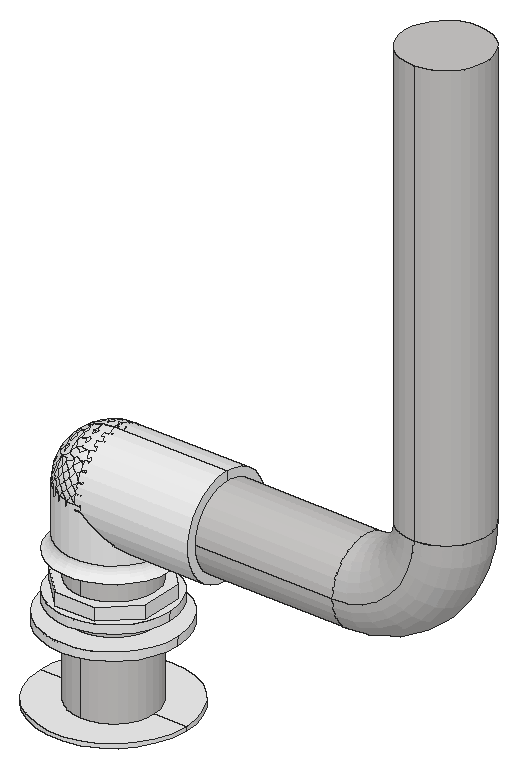
Revit family "Strainer-Zurn-Z8746-PC", category Plumbing Fixtures, host Face, Revit 2022
Family settings
  Host = Face
  Round Connector Dimension = Use Radius
  Part Type = Normal
  OmniClass Number = 23.45.55.21
  OmniClass Title = Drains (Wastes)
  Cut with Voids When Loaded = No
  Maintain Annotation Orientation = No
  Shared = No
  Room Calculation Point = No
Parameters (values of type "Z8746-PC (OFFSET LAVATORY STRAINER)")
  Waste Connection = 1 = 1  # yes
  WFU = 1  # constant formula
  Vent Connection = 1 = 0  # no
  URL = "https://www.zurn.com/"
  Product data URL = "https://bimobject.com/zurnindustries/product/Z8746-PC"
  Product Page URL = "https://www.zurn.com/products/finish-plumbing/sink-trim/traps-commercial-semicast/z8746-pc"
  Product Documentation Link = "https://files.zurn.com/spec-sheets/z8746-pc.pdf"
  Pipe Material = Steel - Zurn - Zinc Coated
  Outlet Connection Size (inch) = 1.250"  # constant formula
  Modified Date = "03/27/2026"  # constant formula
  Model = "Z8746-PC"  # constant formula
  Manufacturer Brand = "Zurn Water, LLC"  # constant formula
  Manufacturer = "Zurn"  # constant formula
  Width of pipe size = 1.250"  # constant formula
  Height of Pipe = 8.750"  # constant formula
  HWFU = 0  # constant formula
  HW Connection = 1 = 0  # no
  Drain Material = Chrome-Plated Brass - Zurn - Polished
  Description = "OFFSET LAVATORY STRAINER"  # constant formula
  Default Elevation = 48.000"
  Date Created = "03/27/2026"  # constant formula
  Width of Drain = 2.250"  # constant formula
  Center Distance between Drain & pipe = 5.125"  # constant formula
  CWFU = 0  # constant formula
  CW Connection = 1 = 0  # no
  Assembly Code = "D2010"
  ADA Compliance = 1 = 1  # yes
Reference planes (in)
  plane 1 "Center (Front/Back)": y = 0
  plane 2: z = 0
  plane 3 "Center (Left/Right)": x = 0
Dimensions and locks (in)
  aligned and locked: plane 2 to host face
  aligned and locked: level to host face
  aligned and locked: nested 1 to host face
  aligned and locked: nested 1 to plane 1 "Center (Front/Back)"
  aligned and locked: plane 3 "Center (Left/Right)" to nested 1
Nested families (in)
  nested 1: "Z8746-PC" at (0, 0, 0.0625) x (1, 0, 0) z (0, 0, -1), type "Z8746-PC (OFFSET LAVATORY STRAINER)"
Connectors (in)
  piping at (5.125, 0, 10.875), diameter 1.25
    settings: on nested 1, index 1, connector inside diameter 24", connector length 0.000", flow factor 0, pipe flow 0 GPM, pressure drop 0.00 psi, fitting loss kfactor 0, connector angle 0.00°, fixture units 0, engagement length 0.000", angle of deflection 0.00°, flow configuration 0, flow direction 0, fitting loss method 0, system type 7, joint type 0, gender type 0, connector reference index -1, connector utility 0, adjustable connector no, is connector primary yes, connector description ""
Definition of nested family "Z8746-PC"
  Parameters (values of type "Z8746-PC (OFFSET LAVATORY STRAINER)")
    Width = Strainer Diameter  # 2.250"
    Product Documentation Link = "https://files.zurn.com/spec-sheets/z8746-pc.pdf"
    Outlet Connection Size (in) = 1 1/4"  # constant formula
    Waste Pipe Size = 1 1/4"
    Waste Pipe Radius = Waste Pipe Size / 2  # 0.625"
    Waste Connection = 1 = 1  # yes
    WFU = 1  # constant formula
    Vent Connection = 1 = 0  # no
    URL = "www.zurn.com"
    Type Comments = ""
    Thread = 1.9375"
    Strainer Radius = Strainer Diameter / 2  # 1.125"
    Strainer Diameter = 2.250"
    Product data URL = "https://www.bimobject.com/en-us/zurnindustries/product/zurn-z8746"
    Product Page URL = "https://www.zurn.com/products/finish-plumbing/sink-trim/traps-commercial-semicast/z8746-pc"
    Pipe Material = none
    Modified Date = "03/27/2026"  # constant formula
    Model = "Z8746-PC"  # constant formula
    Manufacturer Brand = "Zurn Water, LLc"  # constant formula
    Manufacturer = "Zurn"  # constant formula
    Length = Dimension D + Waste Pipe Size  # 6.375"
    Horizontal Pipe Centerline = 3.000"
    Height = 10.8125"
    HWFU = 0  # constant formula
    HW Connection = 1 = 0  # no
    Drain Material = none
    Dimension D = 5.125"
    Description = "Offset Lavatory Strainer, ADA Compliant"  # constant formula
    Default Elevation = 48.000"
    Date Created = "03/27/2026"  # constant formula
    CWFU = 0  # constant formula
    CW Connection = 1 = 0  # no
    Assembly Code = "D2010"
    ADA Compliance = 1 = 1  # yes
  Reference planes (in)
    plane 1 "Center (Front/Back)": y = 0
    plane 2: z = 0
    plane 3 "Center (Left/Right)": x = 0
    plane 4 "Width Left": x = -1.125
    plane 5 "Hardware Left": x = -0.75
    plane 6 "Tail Pipe Left": x = -0.625
    plane 7 "Width Right": x = 1.125
    plane 8 "Hardware Right": x = 0.75
    plane 9 "Tail Pipe Right": x = 0.625
    plane 10 "Hardware Back": y = 0.75
    plane 11 "Tail Pipe Back": y = 0.625
    plane 12 "Hardware Front": y = -0.75
    plane 13 "Tail Pipe Front": y = -0.625
    plane 14 "Strainer Top": z = 0.0625
    plane 15 "Width Front": y = -1.125
    plane 16 "Width Back": y = 1.125
    plane 17: y = 0.9375
    plane 18: y = -0.9375
    plane 19 "Tail Piece Nut Top": z = -1.5
    plane 20 "Bottom of Threads": z = -1.375
    plane 21 "Top of Threads": z = -1.6875
    plane 22 "Locknut": z = -1.5
    plane 23 "Threads Inside Right": x = 0.875
    plane 24 "Tailpiece Washer Right": x = 0.9375
    plane 25 "Locknut Right": x = 1
    plane 26 "Tailpiece Nut Right": x = 1.0625
    plane 27 "Inside Threads Left": x = -0.875
    plane 28 "Locknut Left": x = -0.9375
    plane 29 "Locknut Flange Left": x = -1
    plane 30 "Tailpiece Nut Left": x = -1.0625
    plane 31 "Tailpiece Nut Back": y = 1.0625
    plane 32 "Tailpiece Nut Front": y = -1.0625
    plane 33 "Vertical Pipe Offset Centerline": x = 5.125
    plane 34 "Outlet Left": x = 4.5
    plane 35 "Outlet Right": x = 5.75
    plane 36: z = -3
    plane 37: z = -2.375
    plane 38: z = -3.625
    plane 39 "Outlet Bottom": z = -10.8125
    plane 40: z = -2.25
    plane 41: z = -3.75
    plane 42 "Elbow Fitting Right End": x = 1.75
    plane 43 "Elbow Fitting Top": z = -2.0625
    plane 44 "Washer Top": z = -1.07101
    plane 45 "Washer Bottom": z = -1.19601
    plane 46: z = 0.0625
    plane 47: x = 0
  Forms (in)
    Revolve 1, solid, material <- "Drain Material"
      sketch origin (0, 0, 0.05389) x (1, 0, 0) y (0, 0, 1)
        loop
          line (0, 0.00861) -> (-1.125, 0.00861) -> (-1.125, -0.05389) -> (0, -0.05389) -> (0, 0.00861)
        axis (0, 0.00861) -> (0, -0.05389)
      angle from 0 to 360
    Extrusion 2, solid, material <- "Drain Material", detail levels fine
      sketch origin (0, 0, 0.59985) x (1, 0, 0) y (0, 1, 0)
        loop
          line (0.75, 0.31066) -> (0.31066, 0.75) -> (-0.31066, 0.75) -> (-0.75, 0.31066) -> (-0.75, -0.31066) -> (-0.31066, -0.75) -> (0.31066, -0.75) -> (0.75, -0.31066) -> (0.75, 0.31066)
      from -2.28735 to -2.09985
    Sweep 3, solid, material <- "Pipe Material"
      path origin (0, 0, 0) x (1, 0, 0) y (0, 0, 1)
        loop
          line (0, 0) -> (0, -2.125)
          arc (0, -2.125) -> (0.25628, -2.74372) -> (0.875, -3) r 0.875
          line (0.875, -3) -> (3.875, -3)
          arc (3.875, -3) -> (4.75888, -3.36612) -> (5.125, -4.25) r 1.25
          line (5.125, -4.25) -> (5.125, -10.8125)
      profile origin (0, 0, -1.0625) x (0, -1, 0) y (1, 0, 0)
        loop
          circle (0, 0) r 0.625
    Revolve 4, solid, material <- "Drain Material", detail levels fine
      sketch origin (0, 0, 0) x (1, 0, 0) y (0, 0, 1)
        loop
          line (1.75, -3) -> (-0.75, -3)
          arc (-0.75, -3) -> (-0.53033, -3.53033) -> (0, -3.75) r 0.75
          line (0, -3.75) -> (1.75, -3.75) -> (1.75, -3)
        axis (-0.75, -3) -> (1.75, -3)
      angle from 0 to 360
    Revolve 5, solid, material <- "Drain Material", detail levels fine
      sketch origin (0, 0, 0) x (1, 0, 0) y (0, 0, 1)
        loop
          line (0, -2.0625) -> (-0.875, -2.0625)
          arc (-0.875, -2.0625) -> (-0.78411, -2.13733) -> (-0.75, -2.25) r 0.20313
          line (-0.75, -2.25) -> (-0.75, -3)
          arc (-0.75, -3) -> (-0.53033, -3.53033) -> (0, -3.75) r 0.75
          line (0, -3.75) -> (0, -2.0625)
        axis (0, -2.0625) -> (0, -3.75)
      angle from 0 to 360
    Extrusion 6, solid, material <- "Drain Material"
      sketch origin (0, 0, 0.30399) x (1, 0, 0) y (0, 1, 0)
        loop
          circle (0, 0) r 1
      from -1.5 to -1.375
    Extrusion 7, solid, material <- "Drain Material", detail levels fine
      sketch origin (0, 0, 0.229) x (1, 0, 0) y (0, 1, 0)
        loop
          circle (0, 0) r 0.875
      from -1.729 to -1.604
    Sweep 8, solid, detail levels coarse+medium
      path origin (0, 0, 0) x (1, 0, 0) y (0, 0, 1)
        loop
          line (0, 0) -> (0, -2.12376)
          arc (0, -2.12376) -> (0.25665, -2.74335) -> (0.87624, -3) r 0.87624
          line (0.87624, -3) -> (3.875, -3)
          arc (3.875, -3) -> (4.75888, -3.36612) -> (5.125, -4.25) r 1.25
          line (5.125, -4.25) -> (5.125, -10.8125)
      profile origin (0, 0, -1.06188) x (0, -1, 0) y (1, 0, 0)
        loop
          circle (0, 0) r 0.875
  Lines and regions (in)
    Masking region 1
      outline origin (0, 0, 0) x (1, 0, 0) y (0, 1, 0)
        loop
          line (1.75, 0.625) -> (1.75, -0.625) -> (5.125, -0.625)
          arc (5.125, -0.625) -> (5.75, 0) -> (5.125, 0.625) r 0.625
          line (5.125, 0.625) -> (1.75, 0.625)
    Masking region 2
      outline origin (0, 0, 0) x (1, 0, 0) y (0, 1, 0)
        loop
          circle (0, 0) r 1.125
    Masking region 3
      outline origin (0, 0, 0) x (1, 0, 0) y (0, 1, 0)
        loop
          arc (0.83853, 0.75) -> (1.125, 0) -> (0.83853, -0.75) r 1.125
          line (0.83853, -0.75) -> (1.75, -0.75) -> (1.75, 0.75) -> (0.83853, 0.75)
    Masking region 4
      outline origin (0, 0, 0) x (1, 0, 0) y (0, 0, 1)
        loop
          line (1.75, -2.375) -> (1.75, -3.625) -> (3.875, -3.625)
          arc (3.875, -3.625) -> (4.31694, -3.80806) -> (4.5, -4.25) r 0.625
          line (4.5, -4.25) -> (4.5, -10.8125) -> (5.75, -10.8125) -> (5.75, -4.25)
          arc (5.75, -4.25) -> (5.20083, -2.92417) -> (3.875, -2.375) r 1.875
          line (3.875, -2.375) -> (1.75, -2.375)
    Masking region 5
      outline origin (0, 0, 0) x (1, 0, 0) y (0, 0, 1)
        loop
          line (1.75, -2.25) -> (0.75, -2.25)
          arc (0.75, -2.25) -> (0.78411, -2.13733) -> (0.875, -2.0625) r 0.20313
          line (0.875, -2.0625) -> (-0.875, -2.0625)
          arc (-0.875, -2.0625) -> (-0.78411, -2.13733) -> (-0.75, -2.25) r 0.20313
          line (-0.75, -2.25) -> (-0.75, -3)
          arc (-0.75, -3) -> (-0.53033, -3.53033) -> (0, -3.75) r 0.75
          line (0, -3.75) -> (1.75, -3.75) -> (1.75, -2.25)
    Masking region 6
      outline origin (0, 0, 0) x (1, 0, 0) y (0, 0, 1)
        loop
          line (1.125, 0.0625) -> (-1.125, 0.0625) -> (-1.125, 0) -> (1.125, 0) -> (1.125, 0.0625)
    Masking region 7
      outline origin (0, 0, -1.14856) x (1, 0, 0) y (0, 0, 1)
        loop
          line (1, 0.07754) -> (-1, 0.07754) -> (-1, -0.04746) -> (1, -0.04746) -> (1, 0.07754)
    Masking region 8
      outline origin (0, 0, -1.31376) x (1, 0, 0) y (0, 0, 1)
        loop
          line (0.625, 0.11774) -> (-0.625, 0.11774) -> (-0.625, -0.06124) -> (0.625, -0.06124) -> (0.625, 0.11774)
    Masking region 9
      outline origin (0, 0, -1.4642) x (1, 0, 0) y (0, 0, 1)
        loop
          line (0.875, 0.0892) -> (-0.875, 0.0892) -> (-0.875, -0.0358) -> (0.875, -0.0358) -> (0.875, 0.0892)
    Masking region 10
      outline origin (0, 0, -1.6353) x (1, 0, 0) y (0, 0, 1)
        loop
          line (0.75, 0.1353) -> (-0.75, 0.1353) -> (-0.75, -0.0522) -> (0.75, -0.0522) -> (0.75, 0.1353)
    Masking region 11
      outline origin (0, 0, -1.83) x (1, 0, 0) y (0, 0, 1)
        loop
          line (0.625, 0.1425) -> (-0.625, 0.1425) -> (-0.625, -0.2325) -> (0.625, -0.2325) -> (0.625, 0.1425)
    Masking region 12
      outline origin (0, 0, -0.77064) x (1, 0, 0) y (0, 0, 1)
        loop
          line (0.625, 0.77064) -> (-0.625, 0.77064) -> (-0.625, -0.30038) -> (0.625, -0.30038) -> (0.625, 0.77064)
    Masking region 13
      outline origin (0, 0, 0) x (0, 1, 0) y (0, 0, 1)
        loop
          line (-1.125, 0.0625) -> (-1.125, 0) -> (1.125, 0) -> (1.125, 0.0625) -> (-1.125, 0.0625)
    Masking region 14
      outline origin (0, 0, -0.37296) x (0, 1, 0) y (0, 0, 1)
        loop
          line (-0.625, 0.37296) -> (-0.625, -0.69805) -> (0.625, -0.69805) -> (0.625, 0.37296) -> (-0.625, 0.37296)
    Masking region 15
      outline origin (0, 0.05536, -1.1646) x (0, 1, 0) y (0, 0, 1)
        loop
          line (-0.99286, 0.09358) -> (-0.99286, -0.03142) -> (0.88214, -0.03142) -> (0.88214, 0.09358) -> (-0.99286, 0.09358)
    Masking region 16
      outline origin (0, 0.05536, -1.28892) x (0, 1, 0) y (0, 0, 1)
        loop
          line (-0.68036, 0.0929) -> (-0.68036, -0.08608) -> (0.56964, -0.08608) -> (0.56964, 0.0929) -> (-0.68036, 0.0929)
    Masking region 17
      outline origin (0, 0.05536, -1.46389) x (0, 1, 0) y (0, 0, 1)
        loop
          line (-0.99286, 0.08889) -> (-0.99286, -0.03611) -> (0.88214, -0.03611) -> (0.88214, 0.08889) -> (-0.99286, 0.08889)
    Masking region 18
      outline origin (0, 0.08296, -1.62044) x (0, 1, 0) y (0, 0, 1)
        loop
          line (-0.83296, 0.12044) -> (-0.83296, -0.06706) -> (0.66704, -0.06706) -> (0.66704, 0.12044) -> (-0.83296, 0.12044)
    Masking region 19
      outline origin (0, 0.08296, -1.83224) x (0, 1, 0) y (0, 0, 1)
        loop
          line (-0.70796, 0.14474) -> (-0.70796, -0.23026) -> (0.54204, -0.23026) -> (0.54204, 0.14474) -> (-0.70796, 0.14474)
    Masking region 20
      outline origin (0, 0, 0) x (0, 1, 0) y (0, 0, 1)
        loop
          line (-0.625, -10.8125) -> (0.625, -10.8125) -> (0.625, -3.41458)
          arc (0.625, -3.41458) -> (0, -3.75) -> (-0.625, -3.41458) r 0.75
          line (-0.625, -3.41458) -> (-0.625, -10.8125)
    Masking region 21
      outline origin (0, 0, 0) x (0, 1, 0) y (0, 0, 1)
        loop
          arc (0.75, -2.25) -> (0.80492, -2.11742) -> (0.9375, -2.0625) r 0.1875
          line (0.9375, -2.0625) -> (-0.9375, -2.0625)
          arc (-0.9375, -2.0625) -> (-0.80492, -2.11742) -> (-0.75, -2.25) r 0.1875
          line (-0.75, -2.25) -> (-0.75, -3)
          arc (-0.75, -3) -> (0, -3.75) -> (0.75, -3) r 0.75
          line (0.75, -3) -> (0.75, -2.25)
    symbolic lines
      curve 1: circle (0, 0, 0) r 0.625 normal (0, 0, 1)
    symbolic lines, detail levels medium+fine
      curve 2: line (0.31066, 0, -1.5) -> (0.31066, 0, -1.6875)
      curve 3: line (-0.31066, 0, -1.5) -> (-0.31066, 0, -1.6875)
      curve 4: line (0, -0.31066, -1.5) -> (0, -0.31066, -1.6875)
      curve 5: line (0, 0.31066, -1.5) -> (0, 0.31066, -1.6875)
  Dimensions and locks (in)
    equal spacing: plane 4 "Width Left", plane 3 "Center (Left/Right)", plane 7 "Width Right"
    equal spacing: plane 8 "Hardware Right", plane 3 "Center (Left/Right)", plane 5 "Hardware Left"
    equal spacing: plane 9 "Tail Pipe Right", plane 3 "Center (Left/Right)", plane 6 "Tail Pipe Left"
    "Strainer Diameter": plane 4 "Width Left" to plane 7 "Width Right"
    locked: plane 8 "Hardware Right" to plane 5 "Hardware Left" at 1.5
    "Waste Pipe Size": plane 9 "Tail Pipe Right" to plane 6 "Tail Pipe Left"
    equal spacing: plane 10 "Hardware Back", plane 1 "Center (Front/Back)", plane 12 "Hardware Front"
    equal spacing: plane 11 "Tail Pipe Back", plane 1 "Center (Front/Back)", plane 13 "Tail Pipe Front"
    locked: plane 10 "Hardware Back" to plane 12 "Hardware Front" at 1.5
    locked: plane 11 "Tail Pipe Back" to plane 13 "Tail Pipe Front" at 1.25
    locked: plane 14 "Strainer Top" to plane 2 at 0.0625
    equal spacing: plane 15 "Width Front", plane 1 "Center (Front/Back)", plane 16 "Width Back"
    "Strainer Diameter": plane 15 "Width Front" to plane 16 "Width Back"
    equal spacing: plane 15 "Width Front", plane 18, plane 12 "Hardware Front"
    equal spacing: plane 10 "Hardware Back", plane 17, plane 16 "Width Back"
    equal spacing: plane 34 "Outlet Left", plane 33 "Vertical Pipe Offset Centerline", plane 35 "Outlet Right"
    "Waste Pipe Size": plane 34 "Outlet Left" to plane 35 "Outlet Right"
    equal spacing: plane 37, plane 36, plane 38
    "Waste Pipe Size": plane 37 to plane 38
    "Horizontal Pipe Centerline": plane 2 to plane 36
    "Dimension D": plane 33 "Vertical Pipe Offset Centerline" to plane 3 "Center (Left/Right)"
    locked: plane 40 to plane 37 at 0.125
    locked: plane 38 to plane 41 at 0.125
    locked: plane 42 "Elbow Fitting Right End" to plane 3 "Center (Left/Right)" at 1.75
    locked: plane 43 "Elbow Fitting Top" to plane 40 at 0.1875
    locked: Extrusion 2 sketch curve to Extrusion 2 sketch curve at 0.62132  (x4)
    locked: plane 21 "Top of Threads" to plane 40 at 0.5625
    locked: plane 22 "Locknut" to plane 21 "Top of Threads" at 0.1875
    locked: plane 20 "Bottom of Threads" to plane 22 "Locknut" at 0.125
    locked: plane 45 "Washer Bottom" to plane 20 "Bottom of Threads" at 0.17899
    locked: plane 44 "Washer Top" to plane 45 "Washer Bottom" at 0.125
    "Height": plane 2 to plane 39 "Outlet Bottom"
    plane 43 "Elbow Fitting Top" to plane 39 "Outlet Bottom" = 8.750"
    locked: plane 33 "Vertical Pipe Offset Centerline" to plane 3 "Center (Left/Right)" at 5.125
    "Waste Pipe Radius": radius of Sweep 3 sketch curve
    "Waste Pipe Radius": radius of Masking region 1 sketch curve
    "Waste Pipe Radius": radius of curve 1
    "Strainer Radius": radius of Masking region 3 sketch curve
    aligned and locked: level to plane 2
    aligned and locked: plane 3 "Center (Left/Right)" to Revolve 1 sketch curve
    aligned and locked: plane 4 "Width Left" to Revolve 1 sketch curve
    aligned and locked: Revolve 1 to plane 14 "Strainer Top"  (x2)
    aligned and locked: plane 21 "Top of Threads" to Extrusion 2
    aligned and locked: Extrusion 2 to plane 22 "Locknut"
    aligned and locked: plane 2 to Sweep 3 sketch curve
    aligned and locked: Sweep 3 sketch curve to plane 3 "Center (Left/Right)"
    aligned and locked: Sweep 3 sketch curve to plane 36
    aligned and locked: Sweep 3 sketch curve to plane 33 "Vertical Pipe Offset Centerline"
    aligned and locked: plane 3 "Center (Left/Right)" to Sweep 3 sketch curve
    aligned and locked: plane 1 "Center (Front/Back)" to Sweep 3 sketch curve
    aligned and locked: plane 41 to Revolve 4 sketch curve  (x2)
    aligned and locked: Revolve 4 sketch curve to plane 36
    aligned and locked: plane 27 "Inside Threads Left" to Revolve 5 sketch curve
    aligned and locked: plane 43 "Elbow Fitting Top" to Revolve 5 sketch curve
    aligned and locked: Revolve 5 sketch curve to plane 3 "Center (Left/Right)"  (x2)
    aligned and locked: Revolve 5 sketch curve to plane 5 "Hardware Left"
    aligned and locked: plane 22 "Locknut" to Extrusion 7
    aligned and locked: Extrusion 7 to plane 20 "Bottom of Threads"
    aligned and locked: Extrusion 2 sketch curve to plane 5 "Hardware Left"
    aligned and locked: Extrusion 2 sketch curve to plane 10 "Hardware Back"
    aligned and locked: Extrusion 2 sketch curve to plane 12 "Hardware Front"
    aligned and locked: Extrusion 2 sketch curve to plane 8 "Hardware Right"
    aligned and locked: Extrusion 7 sketch curve to Revolve 5
    aligned and locked: plane 45 "Washer Bottom" to Extrusion 6
    aligned and locked: Extrusion 6 to plane 44 "Washer Top"
    aligned and locked: plane 33 "Vertical Pipe Offset Centerline" to Masking region 1 sketch curve  (x3)
    aligned and locked: plane 1 "Center (Front/Back)" to Masking region 1 sketch curve
    aligned and locked: plane 13 "Tail Pipe Front" to Masking region 1 sketch curve
    aligned and locked: plane 42 "Elbow Fitting Right End" to Masking region 1 sketch curve
    aligned and locked: plane 11 "Tail Pipe Back" to Masking region 1 sketch curve
    aligned and locked: Masking region 2 sketch curve to Revolve 1
    aligned and locked: plane 3 "Center (Left/Right)" to curve 1
    aligned and locked: plane 1 "Center (Front/Back)" to curve 1
    aligned and locked: plane 10 "Hardware Back" to Masking region 3 sketch curve  (x2)
    aligned and locked: plane 42 "Elbow Fitting Right End" to Masking region 3 sketch curve
    aligned and locked: plane 12 "Hardware Front" to Masking region 3 sketch curve
    aligned and locked: Masking region 3 sketch curve to Revolve 1
    aligned and locked: plane 37 to Masking region 4 sketch curve
    aligned and locked: plane 38 to Masking region 4 sketch curve
    aligned and locked: Masking region 4 sketch curve to plane 42 "Elbow Fitting Right End"
    aligned and locked: plane 39 "Outlet Bottom" to Masking region 4 sketch curve  (x2)
    aligned and locked: plane 35 "Outlet Right" to Masking region 4 sketch curve
    aligned and locked: plane 34 "Outlet Left" to Masking region 4 sketch curve
    aligned and locked: plane 41 to Masking region 5 sketch curve
    aligned and locked: plane 40 to Masking region 5 sketch curve  (x3)
    aligned and locked: Masking region 5 sketch curve to plane 42 "Elbow Fitting Right End"
    aligned and locked: plane 42 "Elbow Fitting Right End" to Masking region 5 sketch curve
    aligned and locked: plane 23 "Threads Inside Right" to Masking region 5 sketch curve
    aligned and locked: plane 27 "Inside Threads Left" to Masking region 5 sketch curve
    aligned and locked: Masking region 5 sketch curve to plane 43 "Elbow Fitting Top"
    aligned and locked: plane 8 "Hardware Right" to Masking region 5 sketch curve
    aligned and locked: plane 3 "Center (Left/Right)" to Masking region 5 sketch curve  (x2)
    aligned and locked: plane 36 to Masking region 5 sketch curve  (x2)
    aligned and locked: Masking region 5 sketch curve to plane 5 "Hardware Left"
    aligned and locked: plane 43 "Elbow Fitting Top" to Masking region 5 sketch curve
    aligned and locked: plane 4 "Width Left" to Masking region 6 sketch curve  (x2)
    aligned and locked: plane 14 "Strainer Top" to Masking region 6 sketch curve  (x2)
    aligned and locked: plane 2 to Masking region 6 sketch curve  (x2)
    aligned and locked: Masking region 6 sketch curve to plane 7 "Width Right"
    aligned and locked: plane 7 "Width Right" to Masking region 6 sketch curve
    aligned and locked: Masking region 11 to plane 43 "Elbow Fitting Top"
    aligned and locked: Masking region 11 to plane 9 "Tail Pipe Right"
    aligned and locked: Masking region 11 to plane 6 "Tail Pipe Left"
    aligned and locked: Masking region 11 to plane 21 "Top of Threads"
    aligned and locked: plane 21 "Top of Threads" to Masking region 10
    aligned and locked: Masking region 10 to plane 8 "Hardware Right"
    aligned and locked: Masking region 10 to plane 5 "Hardware Left"
    aligned and locked: Masking region 10 to plane 22 "Locknut"
    aligned and locked: plane 22 "Locknut" to Masking region 9
    aligned and locked: Masking region 9 to plane 23 "Threads Inside Right"
    aligned and locked: Masking region 9 to plane 27 "Inside Threads Left"
    aligned and locked: Masking region 9 to plane 20 "Bottom of Threads"
    aligned and locked: plane 20 "Bottom of Threads" to Masking region 8
    aligned and locked: Masking region 8 to plane 9 "Tail Pipe Right"
    aligned and locked: Masking region 8 to plane 6 "Tail Pipe Left"
    aligned and locked: Masking region 8 to plane 45 "Washer Bottom"
    aligned and locked: plane 45 "Washer Bottom" to Masking region 7
    aligned and locked: Masking region 7 to plane 25 "Locknut Right"
    aligned and locked: Masking region 7 to plane 29 "Locknut Flange Left"
    aligned and locked: Masking region 7 to plane 44 "Washer Top"
    aligned and locked: plane 44 "Washer Top" to Masking region 12
    aligned and locked: Masking region 12 to plane 9 "Tail Pipe Right"
    aligned and locked: Masking region 12 to plane 6 "Tail Pipe Left"
    aligned and locked: plane 2 to Masking region 12
    aligned and locked: plane 19 "Tail Piece Nut Top" to plane 22 "Locknut"
    aligned and locked: level to Masking region 13 sketch curve
    aligned and locked: plane 14 "Strainer Top" to Masking region 13 sketch curve
    aligned and locked: Masking region 13 sketch curve to plane 16 "Width Back"
    aligned and locked: Masking region 13 sketch curve to plane 15 "Width Front"
    aligned and locked: plane 15 "Width Front" to Masking region 13 sketch curve
    aligned and locked: plane 16 "Width Back" to Masking region 13 sketch curve
    aligned and locked: Masking region 13 sketch curve to level
    aligned and locked: Masking region 13 sketch curve to plane 14 "Strainer Top"
    aligned and locked: level to Masking region 14
    aligned and locked: plane 44 "Washer Top" to Masking region 14
    aligned and locked: Masking region 14 to plane 11 "Tail Pipe Back"
    aligned and locked: Masking region 14 to plane 13 "Tail Pipe Front"
    aligned and locked: plane 45 "Washer Bottom" to Masking region 15
    aligned and locked: Masking region 15 to plane 44 "Washer Top"
    aligned and locked: plane 18 to Masking region 15
    aligned and locked: Masking region 15 to plane 17
    aligned and locked: Masking region 16 to plane 45 "Washer Bottom"
    aligned and locked: plane 20 "Bottom of Threads" to Masking region 16
    aligned and locked: Masking region 16 to plane 11 "Tail Pipe Back"
    aligned and locked: Masking region 16 to plane 13 "Tail Pipe Front"
    aligned and locked: Masking region 17 to plane 20 "Bottom of Threads"
    aligned and locked: plane 22 "Locknut" to Masking region 17
    aligned and locked: Masking region 17 to plane 17
    aligned and locked: plane 18 to Masking region 17
    aligned and locked: Masking region 18 to plane 22 "Locknut"
    aligned and locked: plane 21 "Top of Threads" to Masking region 18
    aligned and locked: Masking region 18 to plane 12 "Hardware Front"
    aligned and locked: Masking region 18 to plane 10 "Hardware Back"
    aligned and locked: Masking region 19 to plane 43 "Elbow Fitting Top"
    aligned and locked: Masking region 19 to plane 21 "Top of Threads"
    aligned and locked: Masking region 19 to plane 13 "Tail Pipe Front"
    aligned and locked: Masking region 19 to plane 11 "Tail Pipe Back"
    aligned and locked: plane 11 "Tail Pipe Back" to Masking region 20 sketch curve  (x2)
    aligned and locked: Masking region 20 sketch curve to plane 13 "Tail Pipe Front"
    aligned and locked: plane 39 "Outlet Bottom" to Masking region 20 sketch curve  (x2)
    aligned and locked: plane 36 to Masking region 20 sketch curve
    aligned and locked: plane 1 "Center (Front/Back)" to Masking region 20 sketch curve
    aligned and locked: plane 13 "Tail Pipe Front" to Masking region 20 sketch curve
    aligned and locked: plane 17 to Masking region 21 sketch curve
    aligned and locked: plane 18 to Masking region 21 sketch curve
    aligned and locked: Masking region 21 sketch curve to plane 43 "Elbow Fitting Top"
    aligned and locked: plane 36 to Masking region 21 sketch curve  (x2)
    aligned and locked: plane 40 to Masking region 21 sketch curve  (x2)
    aligned and locked: plane 10 "Hardware Back" to Masking region 21 sketch curve
    aligned and locked: Masking region 21 sketch curve to plane 12 "Hardware Front"
    aligned and locked: Masking region 21 sketch curve to Revolve 4
    aligned and locked: plane 43 "Elbow Fitting Top" to Masking region 21 sketch curve
    aligned and locked: plane 3 "Center (Left/Right)" to Extrusion 6 sketch curve
    aligned and locked: plane 1 "Center (Front/Back)" to Extrusion 6 sketch curve
    aligned and locked: plane 3 "Center (Left/Right)" to plane 47
  Automatic sketch dimensions
    curve 3 to plane 19 "Tail Piece Nut Top" = 0.000"
    curve 3 to plane 21 "Top of Threads" = 0.000"
    curve 2 to plane 21 "Top of Threads" = 0.000"
    curve 2 to plane 19 "Tail Piece Nut Top" = 0.000"
    curve 3 to plane 3 "Center (Left/Right)" = 0.31066"
    plane 3 "Center (Left/Right)" to curve 2 = 0.31066"
    Revolve 1 sketch curve to level = 0.000"  (x2)
    Revolve 1 sketch curve to plane 14 "Strainer Top" = 0.000"
    Revolve 1 sketch curve to plane 3 "Center (Left/Right)" = 0.000"
    plane 14 "Strainer Top" to Revolve 1 sketch curve = 2.04911"
    Extrusion 2 sketch curve to plane 3 "Center (Left/Right)" = 0.31066"
    plane 1 "Center (Front/Back)" to Extrusion 2 sketch curve = 0.31066"
    plane 3 "Center (Left/Right)" to Extrusion 2 sketch curve = 0.31066"  (x2)
    plane 23 "Threads Inside Right" to Sweep 3 sketch curve = 0.000"
    Sweep 3 sketch curve to plane 41 = 0.500"
    Sweep 3 sketch curve to plane 39 "Outlet Bottom" = 0.000"
    Revolve 4 sketch curve to plane 5 "Hardware Left" = 0.000"
    Revolve 4 sketch curve to plane 3 "Center (Left/Right)" = 0.000"
    Revolve 4 sketch curve to plane 42 "Elbow Fitting Right End" = 0.000"
    plane 4 "Width Left" to Revolve 4 sketch curve = 1.2388"
    Revolve 4 sketch curve to plane 35 "Outlet Right" = 1.58354"
    Revolve 5 sketch curve to plane 41 = 0.000"
    Revolve 5 sketch curve to plane 40 = 0.000"
    plane 39 "Outlet Bottom" to Revolve 5 sketch curve = 77.0982"
    plane 14 "Strainer Top" to Revolve 5 sketch curve = 95.00253"
    Masking region 4 sketch curve to Masking region 4 sketch curve = 0.000"  (x2)
    plane 34 "Outlet Left" to Masking region 4 sketch curve = 0.625"
    Masking region 7 sketch curve to plane 29 "Locknut Flange Left" = 0.000"
    plane 25 "Locknut Right" to Masking region 7 sketch curve = 0.000"
    Masking region 7 sketch curve to plane 45 "Washer Bottom" = 0.000"
    Masking region 7 sketch curve to plane 44 "Washer Top" = 0.000"
    Masking region 8 sketch curve to plane 6 "Tail Pipe Left" = 0.000"
    plane 9 "Tail Pipe Right" to Masking region 8 sketch curve = 0.000"
    Masking region 8 sketch curve to plane 20 "Bottom of Threads" = 0.000"
    Masking region 8 sketch curve to plane 45 "Washer Bottom" = 0.000"
    Masking region 9 sketch curve to plane 20 "Bottom of Threads" = 0.000"
    Masking region 9 sketch curve to plane 27 "Inside Threads Left" = 0.000"
    Masking region 9 sketch curve to plane 19 "Tail Piece Nut Top" = 0.000"
    plane 23 "Threads Inside Right" to Masking region 9 sketch curve = 0.000"
    Masking region 10 sketch curve to plane 5 "Hardware Left" = 0.000"
    plane 8 "Hardware Right" to Masking region 10 sketch curve = 0.000"
    Masking region 10 sketch curve to plane 21 "Top of Threads" = 0.000"
    Masking region 10 sketch curve to plane 19 "Tail Piece Nut Top" = 0.000"
    Masking region 11 sketch curve to plane 6 "Tail Pipe Left" = 0.000"
    plane 9 "Tail Pipe Right" to Masking region 11 sketch curve = 0.000"
    Masking region 11 sketch curve to plane 43 "Elbow Fitting Top" = 0.000"
    Masking region 11 sketch curve to plane 21 "Top of Threads" = 0.000"
    Masking region 12 sketch curve to level = 0.000"
    Masking region 12 sketch curve to plane 6 "Tail Pipe Left" = 0.000"
    plane 9 "Tail Pipe Right" to Masking region 12 sketch curve = 0.000"
    Masking region 12 sketch curve to plane 44 "Washer Top" = 0.000"
    plane 15 "Width Front" to Masking region 14 sketch curve = 0.500"
    Masking region 14 sketch curve to plane 16 "Width Back" = 0.500"
    Masking region 14 sketch curve to Masking region 14 sketch curve = 1.07101"
    Masking region 15 sketch curve to plane 32 "Tailpiece Nut Front" = 0.125"
    Masking region 15 sketch curve to plane 45 "Washer Bottom" = 0.000"
    Masking region 15 sketch curve to plane 16 "Width Back" = 0.1875"
    plane 44 "Washer Top" to Masking region 15 sketch curve = 0.000"
    Masking region 16 sketch curve to plane 32 "Tailpiece Nut Front" = 0.4375"
    Masking region 16 sketch curve to plane 20 "Bottom of Threads" = 0.000"
    Masking region 16 sketch curve to plane 16 "Width Back" = 0.500"
    plane 45 "Washer Bottom" to Masking region 16 sketch curve = 0.000"
    Masking region 17 sketch curve to plane 32 "Tailpiece Nut Front" = 0.125"
    Masking region 17 sketch curve to plane 19 "Tail Piece Nut Top" = 0.000"
    Masking region 17 sketch curve to plane 16 "Width Back" = 0.1875"
    plane 20 "Bottom of Threads" to Masking region 17 sketch curve = 0.000"
    Masking region 18 sketch curve to plane 32 "Tailpiece Nut Front" = 0.3125"
    Masking region 18 sketch curve to plane 21 "Top of Threads" = 0.000"
    Masking region 18 sketch curve to plane 16 "Width Back" = 0.375"
    plane 19 "Tail Piece Nut Top" to Masking region 18 sketch curve = 0.000"
    Masking region 19 sketch curve to plane 32 "Tailpiece Nut Front" = 0.4375"
    plane 21 "Top of Threads" to Masking region 19 sketch curve = 0.375"
    Masking region 19 sketch curve to plane 16 "Width Back" = 0.500"
    Masking region 19 sketch curve to Masking region 19 sketch curve = 0.375"
    plane 21 "Top of Threads" to curve 4 = 0.000"
    plane 19 "Tail Piece Nut Top" to curve 4 = 0.000"
    plane 19 "Tail Piece Nut Top" to curve 5 = 0.000"
    plane 21 "Top of Threads" to curve 5 = 0.000"
    plane 1 "Center (Front/Back)" to curve 4 = 0.31066"
    curve 5 to plane 1 "Center (Front/Back)" = 0.31066"
    plane 38 to Masking region 20 sketch curve = 0.21042"
    plane 44 "Washer Top" to Masking region 14 sketch curve = 0.000"
    Sweep 8 sketch curve to plane 3 "Center (Left/Right)" = 0.000"
    Sweep 8 sketch curve to plane 36 = 0.000"
    Sweep 8 sketch curve to plane 33 "Vertical Pipe Offset Centerline" = 0.000"
    Sweep 8 sketch curve to plane 39 "Outlet Bottom" = 0.000"
    Sweep 8 sketch curve to level = 0.000"
    Sweep 8 sketch curve to plane 23 "Threads Inside Right" = 0.00124"
    plane 34 "Outlet Left" to Sweep 8 sketch curve = 0.625"
    plane 1 "Center (Front/Back)" to Sweep 8 sketch curve = 0.000"
    Sweep 8 sketch curve to profile plane = 0.000"
    radius of Extrusion 6 sketch curve = 1.000"
    radius of Sweep 8 sketch curve = 0.875"
  Connectors (in)
    piping at (5.125, 0, -10.8125), diameter 1.25, driven by "Waste Pipe Radius", driven by "WFU", driven by "Waste Connection"
      settings: on Sweep 3, index 1, connector inside diameter 1 1/4", connector length 0.000", flow factor 0, pipe flow 0 GPM, pressure drop 0.00 psi, fitting loss kfactor 0, connector angle 0.00°, fixture units 1, engagement length 0.000", angle of deflection 0.00°, flow configuration 0, flow direction 2, fitting loss method 0, system type 16, joint type 0, gender type 0, connector reference index -1, connector utility 1, adjustable connector no, is connector primary yes, connector description "Waste Outlet"
